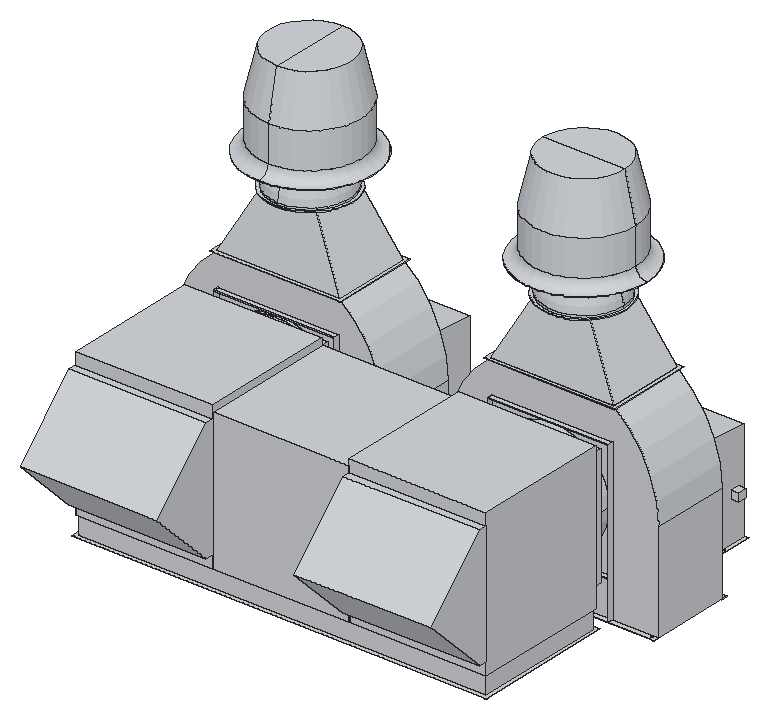
Revit family "Dual_CAVP_with_Mixing_Box", category Mechanical Equipment, Revit 2019 (continued)
Types (228): name | TRANSITION/2 | TRANSITION | RO2/2 | RO/2 | N_B_R+1.5" | MB_P+MB_P+.5 | E/52*30 | E/2-H/2 | E-N-N-H | E-(NOZZLE_RAD/3*2) | DUAL_Q-4.5" | DUAL_Q+.25" | DUAL_Q | R-((B/2)+1.5") | R+((B/2)+1.5") | R*1.1 | R | MB_P-4.5" | MB_P+.25" | P | NOZZLE_WB_RAD-2" | NOZZLE_WB_RAD | NOZZLE_WB_OD | NOZZLE_WB/4 | NOZZLE_TOP_RAD | NOZZLE_TOP_OD | NOZZLE_SIZE | NOZZLE_HEIGHT/7*2 | NOZZLE_HEIGHT | NOZZLE_BOTTOM_RAD-3*2 | NOZZLE_BOTTOM_RAD | NOZZLE_BOTTOM_ID | MB_N-(D-J-K-L) | N+(H/2) | N | MB_Q | MB_P | MB_N | MB_HEIGHT/2 | MB_HEIGHT | MB_F | MB_A | M-(2*(D-L-K-J)) | M | L | K | J+K+L | J | HEIGHT | H/2 | H | F/2 | MB_F-3" | F | E/52*15 | E/2 | E | D-M | D-L-K-J | D | CLASS | C/2 | C | B/4 | B/2 | B | A/2 | A | Type Comments | -MB_P-.25 | -MB_P | -MB_HEIGHT | -(F-((F-H)/2))/2 | -((MB_Q / 2) + 1/8") | (NOZZLE_WB_OD - NOZZLE_TOP_OD) / 4 | (NOZZLE_HEIGHT - (NOZZLE_HEIGHT / 8 * 2)) / 2 | (MB_Q/2)+.125" | (MB_P/2-.125")-((F / 2) - 2") | (MB_P/2-.125")+((F / 2) - 2") | (MB_P/2)+.125" | (M - (2 * (D - L - K - J)))/2 | (F-((F-H)/2))/2 | (E/2)-(E/52*15) | (E/2)-((MB_P/2)+.125") | (E/2)-((B/2)+1.5") | (D-J-K-L)*2 | (B/2)-.125" | (B/2)+1.5" | ((M - (2 * (D - L - K - J))) / 2) + (TRANSITION / 2)
  Dual_445_CAVP-30H_CLASS_1_With_Mixing_Box | 15.02602" | 30.05204" | 87 15/16" | 27 3/4" | 22 3/4" | 120 1/2" | 54.05048" | 21 15/32" | 2" | 32.67708" | 175 7/8" | 180 5/8" | 180 3/8" | 17 25/32" | 70 7/32" | 48.4" | 44" | 55 1/2" | 60 1/4" | 18 1/4" | 35" | 37" | 74" | 14.8" | 22 3/4" | 45 1/2" | 30" | 19 1/2" | 78" | 15 1/4" | 21 1/4" | 42 1/2" | 12 3/16" | 44 27/32" | 19 15/32" | 60" | 60" | 13 9/16" | 34 7/8" | 69 3/4" | 14 1/2" | 186 3/16" | 34 3/4" | 37 1/2" | 39 3/4" | 25 7/8" | 78 5/8" | 13" | 84.91333" | 25 3/8" | 50 3/4" | 26 3/8" | 11 1/2" | 52 3/4" | 27.02524" | 46 27/32" | 93 11/16" | 42 1/2" | 1 3/8" | 80" | 1" | 56 7/16" | 112 7/8" | 12 23/64" | 24 23/32" | 49 7/16" | 95 7/16" | 190 7/8" | "Dual Vari-Plume Laboratory Exhaust Centrifugal Airfoil Class 1 Arr 10 With Mixing Box" | -60 1/4" | -60" | -69 3/4" | -24 3/8" | -30 1/8" | 7 1/8" | 29 1/4" | 30 1/8" | -5 1/2" | -54 1/4" | 30 1/8" | 17 3/8" | 24 3/8" | 19.81851" | 16 23/32" | 20 5/8" | 2 3/4" | 24 19/32" | 26 7/32" | 32.40102"
  Dual_445_CAVP-30L_CLASS_1_With_Mixing_Box | 15.02602" | 30.05204" | 87 15/16" | 27 3/4" | 22 3/4" | 120 1/2" | 54.05048" | 21 15/32" | 2" | 32.67708" | 175 7/8" | 180 5/8" | 180 3/8" | 17 25/32" | 70 7/32" | 48.4" | 44" | 55 1/2" | 60 1/4" | 18 1/4" | 35" | 37" | 74" | 14.8" | 22 3/4" | 45 1/2" | 30" | 19 1/2" | 78" | 15 1/4" | 21 1/4" | 42 1/2" | 12 3/16" | 44 27/32" | 19 15/32" | 60" | 60" | 13 9/16" | 34 7/8" | 69 3/4" | 14 1/2" | 186 3/16" | 34 3/4" | 37 1/2" | 39 3/4" | 25 7/8" | 78 5/8" | 13" | 84.91333" | 25 3/8" | 50 3/4" | 26 3/8" | 11 1/2" | 52 3/4" | 27.02524" | 46 27/32" | 93 11/16" | 42 1/2" | 1 3/8" | 80" | 1" | 56 7/16" | 112 7/8" | 12 23/64" | 24 23/32" | 49 7/16" | 95 7/16" | 190 7/8" | "Dual Vari-Plume Laboratory Exhaust Centrifugal Airfoil Class 1 Arr 10 With Mixing Box" | -60 1/4" | -60" | -69 3/4" | -24 3/8" | -30 1/8" | 7 1/8" | 29 1/4" | 30 1/8" | -5 1/2" | -54 1/4" | 30 1/8" | 17 3/8" | 24 3/8" | 19.81851" | 16 23/32" | 20 5/8" | 2 3/4" | 24 19/32" | 26 7/32" | 32.40102"
  Dual_445_CAVP-24H_CLASS_2_With_Mixing_Box | 12.28598" | 24.57196" | 87 15/16" | 27 3/4" | 18 7/8" | 120 1/2" | 54.05048" | 21 15/32" | 2" | 35.26042" | 175 7/8" | 180 5/8" | 180 3/8" | 17 25/32" | 70 7/32" | 48.4" | 44" | 55 1/2" | 60 1/4" | 19 1/2" | 28 1/2" | 30 1/2" | 61" | 12.2" | 18 1/4" | 36 1/2" | 24" | 15 1/2" | 62" | 11 3/8" | 17 3/8" | 34 3/4" | 12 3/16" | 44 27/32" | 19 15/32" | 60" | 60" | 13 9/16" | 34 7/8" | 69 3/4" | 14 1/2" | 186 3/16" | 34 3/4" | 37 1/2" | 39 3/4" | 25 7/8" | 78 5/8" | 13" | 84.91333" | 25 3/8" | 50 3/4" | 26 3/8" | 11 1/2" | 52 3/4" | 27.02524" | 46 27/32" | 93 11/16" | 42 1/2" | 1 3/8" | 80" | 2" | 56 7/16" | 112 7/8" | 12 23/64" | 24 23/32" | 49 7/16" | 95 7/16" | 190 7/8" | "Dual Vari-Plume Laboratory Exhaust Centrifugal Airfoil Class 2 Arr 10 With Mixing Box" | -60 1/4" | -60" | -69 3/4" | -24 3/8" | -30 1/8" | 6 1/8" | 23 1/4" | 30 1/8" | -5 1/2" | -54 1/4" | 30 1/8" | 17 3/8" | 24 3/8" | 19.81851" | 16 23/32" | 20 5/8" | 2 3/4" | 24 19/32" | 26 7/32" | 29.66098"
  Dual_445_CAVP-24L_CLASS_2_With_Mixing_Box | 12.28598" | 24.57196" | 87 15/16" | 27 3/4" | 18 7/8" | 120 1/2" | 54.05048" | 21 15/32" | 2" | 35.26042" | 175 7/8" | 180 5/8" | 180 3/8" | 17 25/32" | 70 7/32" | 48.4" | 44" | 55 1/2" | 60 1/4" | 19 1/2" | 28 1/2" | 30 1/2" | 61" | 12.2" | 18 1/4" | 36 1/2" | 24" | 15 1/2" | 62" | 11 3/8" | 17 3/8" | 34 3/4" | 11 3/16" | 44 27/32" | 19 15/32" | 60" | 60" | 12 9/16" | 34 7/8" | 69 3/4" | 14 1/2" | 186 3/16" | 34 3/4" | 37 1/2" | 39 3/4" | 25 7/8" | 78 5/8" | 13" | 84.91333" | 25 3/8" | 50 3/4" | 26 3/8" | 11 1/2" | 52 3/4" | 27.02524" | 46 27/32" | 93 11/16" | 42 1/2" | 1 3/8" | 80" | 2" | 56 7/16" | 112 7/8" | 12 23/64" | 24 23/32" | 49 7/16" | 95 7/16" | 190 7/8" | "Dual Vari-Plume Laboratory Exhaust Centrifugal Airfoil Class 2 Arr 10 With Mixing Box" | -60 1/4" | -60" | -69 3/4" | -24 3/8" | -30 1/8" | 6 1/8" | 23 1/4" | 30 1/8" | -5 1/2" | -54 1/4" | 30 1/8" | 17 3/8" | 24 3/8" | 19.81851" | 16 23/32" | 20 5/8" | 2 3/4" | 24 19/32" | 26 7/32" | 29.66098"
  Dual_445_CAVP-30H_CLASS_2_With_Mixing_Box | 15.02602" | 30.05204" | 87 15/16" | 27 3/4" | 22 3/4" | 120 1/2" | 54.05048" | 21 15/32" | 2" | 32.67708" | 175 7/8" | 180 5/8" | 180 3/8" | 17 25/32" | 70 7/32" | 48.4" | 44" | 55 1/2" | 60 1/4" | 19 1/2" | 35" | 37" | 74" | 14.8" | 22 3/4" | 45 1/2" | 30" | 19 1/2" | 78" | 15 1/4" | 21 1/4" | 42 1/2" | 12 3/16" | 44 27/32" | 19 15/32" | 60" | 60" | 13 9/16" | 34 7/8" | 69 3/4" | 14 1/2" | 186 3/16" | 34 3/4" | 37 1/2" | 39 3/4" | 25 7/8" | 78 5/8" | 13" | 84.91333" | 25 3/8" | 50 3/4" | 26 3/8" | 11 1/2" | 52 3/4" | 27.02524" | 46 27/32" | 93 11/16" | 42 1/2" | 1 3/8" | 80" | 2" | 56 7/16" | 112 7/8" | 12 23/64" | 24 23/32" | 49 7/16" | 95 7/16" | 190 7/8" | "Dual Vari-Plume Laboratory Exhaust Centrifugal Airfoil Class 2 Arr 10 With Mixing Box" | -60 1/4" | -60" | -69 3/4" | -24 3/8" | -30 1/8" | 7 1/8" | 29 1/4" | 30 1/8" | -5 1/2" | -54 1/4" | 30 1/8" | 17 3/8" | 24 3/8" | 19.81851" | 16 23/32" | 20 5/8" | 2 3/4" | 24 19/32" | 26 7/32" | 32.40102"
  Dual_445_CAVP-30L_CLASS_2_With_Mixing_Box | 15.02602" | 30.05204" | 87 15/16" | 27 3/4" | 22 3/4" | 120 1/2" | 54.05048" | 21 15/32" | 2" | 32.67708" | 175 7/8" | 180 5/8" | 180 3/8" | 17 25/32" | 70 7/32" | 48.4" | 44" | 55 1/2" | 60 1/4" | 19 1/2" | 35" | 37" | 74" | 14.8" | 22 3/4" | 45 1/2" | 30" | 19 1/2" | 78" | 15 1/4" | 21 1/4" | 42 1/2" | 12 3/16" | 44 27/32" | 19 15/32" | 60" | 60" | 13 9/16" | 34 7/8" | 69 3/4" | 14 1/2" | 186 3/16" | 34 3/4" | 37 1/2" | 39 3/4" | 25 7/8" | 78 5/8" | 13" | 84.91333" | 25 3/8" | 50 3/4" | 26 3/8" | 11 1/2" | 52 3/4" | 27.02524" | 46 27/32" | 93 11/16" | 42 1/2" | 1 3/8" | 80" | 2" | 56 7/16" | 112 7/8" | 12 23/64" | 24 23/32" | 49 7/16" | 95 7/16" | 190 7/8" | "Dual Vari-Plume Laboratory Exhaust Centrifugal Airfoil Class 2 Arr 10 With Mixing Box" | -60 1/4" | -60" | -69 3/4" | -24 3/8" | -30 1/8" | 7 1/8" | 29 1/4" | 30 1/8" | -5 1/2" | -54 1/4" | 30 1/8" | 17 3/8" | 24 3/8" | 19.81851" | 16 23/32" | 20 5/8" | 2 3/4" | 24 19/32" | 26 7/32" | 32.40102"
  Dual_490_CAVP-24H_CLASS_1_With_Mixing_Box | 12.28598" | 24.57196" | 96 15/16" | 30 3/4" | 18 7/8" | 132 1/2" | 59.38702" | 22 5/8" | 2" | 39.88542" | 193 7/8" | 198 5/8" | 198 3/8" | 19" | 77" | 52.8" | 48" | 61 1/2" | 66 1/4" | 18 1/2" | 28 1/2" | 30 1/2" | 61" | 12.2" | 18 1/4" | 36 1/2" | 24" | 15 1/2" | 62" | 11 3/8" | 17 3/8" | 34 3/4" | 12 3/16" | 49 15/32" | 20 5/8" | 66" | 66" | 13 9/16" | 35 3/8" | 70 3/4" | 15 3/4" | 191 7/8" | 38 3/16" | 40 15/16" | 43 3/16" | 21 7/8" | 78 9/16" | 13 1/2" | 92.95281" | 28 27/32" | 57 11/16" | 29 27/32" | 12 3/4" | 59 11/16" | 29.69351" | 51 15/32" | 102 15/16" | 39" | 1 3/8" | 79 15/16" | 1" | 61 17/32" | 123 1/16" | 13 3/4" | 27 1/2" | 55" | 108 29/32" | 217 13/16" | "Dual Vari-Plume Laboratory Exhaust Centrifugal Airfoil Class 1 Arr 10 With Mixing Box" | -66 1/4" | -66" | -70 3/4" | -27 27/32" | -33 1/8" | 6 1/8" | 23 1/4" | 33 1/8" | -5 1/32" | -60 23/32" | 33 1/8" | 19 3/32" | 27 27/32" | 21.77524" | 18 11/32" | 22 15/32" | 2 3/4" | 27 3/8" | 29" | 31.37973"
  Dual_490_CAVP-24L_CLASS_1_With_Mixing_Box | 12.28598" | 24.57196" | 96 15/16" | 30 3/4" | 18 7/8" | 132 1/2" | 59.38702" | 22 5/8" | 2" | 39.88542" | 193 7/8" | 198 5/8" | 198 3/8" | 19" | 77" | 52.8" | 48" | 61 1/2" | 66 1/4" | 18 1/2" | 28 1/2" | 30 1/2" | 61" | 12.2" | 18 1/4" | 36 1/2" | 24" | 15 1/2" | 62" | 11 3/8" | 17 3/8" | 34 3/4" | 12 3/16" | 49 15/32" | 20 5/8" | 66" | 66" | 13 9/16" | 35 3/8" | 70 3/4" | 15 3/4" | 191 7/8" | 38 3/16" | 40 15/16" | 43 3/16" | 21 7/8" | 78 9/16" | 13 1/2" | 92.95281" | 28 27/32" | 57 11/16" | 29 27/32" | 12 3/4" | 59 11/16" | 29.69351" | 51 15/32" | 102 15/16" | 39" | 1 3/8" | 79 15/16" | 1" | 61 17/32" | 123 1/16" | 13 3/4" | 27 1/2" | 55" | 108 29/32" | 217 13/16" | "Dual Vari-Plume Laboratory Exhaust Centrifugal Airfoil Class 1 Arr 10 With Mixing Box" | -66 1/4" | -66" | -70 3/4" | -27 27/32" | -33 1/8" | 6 1/8" | 23 1/4" | 33 1/8" | -5 1/32" | -60 23/32" | 33 1/8" | 19 3/32" | 27 27/32" | 21.77524" | 18 11/32" | 22 15/32" | 2 3/4" | 27 3/8" | 29" | 31.37973"
  Dual_490_CAVP-30H_CLASS_1_With_Mixing_Box | 15.02602" | 30.05204" | 96 15/16" | 30 3/4" | 22 3/4" | 132 1/2" | 59.38702" | 22 5/8" | 2" | 37.30208" | 193 7/8" | 198 5/8" | 198 3/8" | 19" | 77" | 52.8" | 48" | 61 1/2" | 66 1/4" | 18 1/2" | 35" | 37" | 74" | 14.8" | 22 3/4" | 45 1/2" | 30" | 19 1/2" | 78" | 15 1/4" | 21 1/4" | 42 1/2" | 12 3/16" | 49 15/32" | 20 5/8" | 66" | 66" | 13 9/16" | 35 3/8" | 70 3/4" | 15 3/4" | 191 7/8" | 38 3/16" | 40 15/16" | 43 3/16" | 21 7/8" | 78 9/16" | 13 1/2" | 92.95281" | 28 27/32" | 57 11/16" | 29 27/32" | 12 3/4" | 59 11/16" | 29.69351" | 51 15/32" | 102 15/16" | 39" | 1 3/8" | 79 15/16" | 1" | 61 17/32" | 123 1/16" | 13 3/4" | 27 1/2" | 55" | 108 29/32" | 217 13/16" | "Dual Vari-Plume Laboratory Exhaust Centrifugal Airfoil Class 1 Arr 10 With Mixing Box" | -66 1/4" | -66" | -70 3/4" | -27 27/32" | -33 1/8" | 7 1/8" | 29 1/4" | 33 1/8" | -5 1/32" | -60 23/32" | 33 1/8" | 19 3/32" | 27 27/32" | 21.77524" | 18 11/32" | 22 15/32" | 2 3/4" | 27 3/8" | 29" | 34.11977"
  Dual_490_CAVP-30L_CLASS_1_With_Mixing_Box | 15.02602" | 30.05204" | 96 15/16" | 30 3/4" | 22 3/4" | 132 1/2" | 59.38702" | 22 5/8" | 2" | 37.30208" | 193 7/8" | 198 5/8" | 198 3/8" | 19" | 77" | 52.8" | 48" | 61 1/2" | 66 1/4" | 18 1/2" | 35" | 37" | 74" | 14.8" | 22 3/4" | 45 1/2" | 30" | 19 1/2" | 78" | 15 1/4" | 21 1/4" | 42 1/2" | 12 3/16" | 49 15/32" | 20 5/8" | 66" | 66" | 13 9/16" | 35 3/8" | 70 3/4" | 15 3/4" | 191 7/8" | 38 3/16" | 40 15/16" | 43 3/16" | 21 7/8" | 78 9/16" | 13 1/2" | 92.95281" | 28 27/32" | 57 11/16" | 29 27/32" | 12 3/4" | 59 11/16" | 29.69351" | 51 15/32" | 102 15/16" | 39" | 1 3/8" | 79 15/16" | 1" | 61 17/32" | 123 1/16" | 13 3/4" | 27 1/2" | 55" | 108 29/32" | 217 13/16" | "Dual Vari-Plume Laboratory Exhaust Centrifugal Airfoil Class 1 Arr 10 With Mixing Box" | -66 1/4" | -66" | -70 3/4" | -27 27/32" | -33 1/8" | 7 1/8" | 29 1/4" | 33 1/8" | -5 1/32" | -60 23/32" | 33 1/8" | 19 3/32" | 27 27/32" | 21.77524" | 18 11/32" | 22 15/32" | 2 3/4" | 27 3/8" | 29" | 34.11977"
  Dual_490_CAVP-36H_CLASS_1_With_Mixing_Box | 18.29639" | 36.59278" | 96 15/16" | 30 3/4" | 27 3/8" | 132 1/2" | 59.38702" | 22 5/8" | 2" | 34 7/32" | 193 7/8" | 198 5/8" | 198 3/8" | 19" | 77" | 52.8" | 48" | 61 1/2" | 66 1/4" | 18 1/2" | 43" | 45" | 90" | 18" | 29" | 58" | 36" | 23 3/4" | 95" | 19 7/8" | 25 7/8" | 51 3/4" | 12 3/16" | 49 15/32" | 20 5/8" | 66" | 66" | 13 9/16" | 35 3/8" | 70 3/4" | 15 3/4" | 191 7/8" | 38 3/16" | 40 15/16" | 43 3/16" | 21 7/8" | 78 9/16" | 13 1/2" | 92.95281" | 28 27/32" | 57 11/16" | 29 27/32" | 12 3/4" | 59 11/16" | 29.69351" | 51 15/32" | 102 15/16" | 39" | 1 3/8" | 79 15/16" | 1" | 61 17/32" | 123 1/16" | 13 3/4" | 27 1/2" | 55" | 108 29/32" | 217 13/16" | "Dual Vari-Plume Laboratory Exhaust Centrifugal Airfoil Class 1 Arr 10 With Mixing Box" | -66 1/4" | -66" | -70 3/4" | -27 27/32" | -33 1/8" | 8" | 35 5/8" | 33 1/8" | -5 1/32" | -60 23/32" | 33 1/8" | 19 3/32" | 27 27/32" | 21.77524" | 18 11/32" | 22 15/32" | 2 3/4" | 27 3/8" | 29" | 37.39014"
  Dual_490_CAVP-36L_CLASS_1_With_Mixing_Box | 18.29639" | 36.59278" | 96 15/16" | 30 3/4" | 27 3/8" | 132 1/2" | 59.38702" | 22 5/8" | 2" | 34 7/32" | 193 7/8" | 198 5/8" | 198 3/8" | 19" | 77" | 52.8" | 48" | 61 1/2" | 66 1/4" | 18 1/2" | 43" | 45" | 90" | 18" | 29" | 58" | 36" | 23 3/4" | 95" | 19 7/8" | 25 7/8" | 51 3/4" | 12 3/16" | 49 15/32" | 20 5/8" | 66" | 66" | 13 9/16" | 35 3/8" | 70 3/4" | 15 3/4" | 191 7/8" | 38 3/16" | 40 15/16" | 43 3/16" | 21 7/8" | 78 9/16" | 13 1/2" | 92.95281" | 28 27/32" | 57 11/16" | 29 27/32" | 12 3/4" | 59 11/16" | 29.69351" | 51 15/32" | 102 15/16" | 39" | 1 3/8" | 79 15/16" | 1" | 61 17/32" | 123 1/16" | 13 3/4" | 27 1/2" | 55" | 108 29/32" | 217 13/16" | "Dual Vari-Plume Laboratory Exhaust Centrifugal Airfoil Class 1 Arr 10 With Mixing Box" | -66 1/4" | -66" | -70 3/4" | -27 27/32" | -33 1/8" | 8" | 35 5/8" | 33 1/8" | -5 1/32" | -60 23/32" | 33 1/8" | 19 3/32" | 27 27/32" | 21.77524" | 18 11/32" | 22 15/32" | 2 3/4" | 27 3/8" | 29" | 37.39014"
  Dual_490_CAVP-24H_CLASS_2_With_Mixing_Box | 12.28598" | 24.57196" | 96 15/16" | 30 3/4" | 18 7/8" | 132 1/2" | 59.38702" | 22 5/8" | 2" | 39.88542" | 193 7/8" | 198 5/8" | 198 3/8" | 19" | 77" | 52.8" | 48" | 61 1/2" | 66 1/4" | 21 7/8" | 28 1/2" | 30 1/2" | 61" | 12.2" | 18 1/4" | 36 1/2" | 24" | 15 1/2" | 62" | 11 3/8" | 17 3/8" | 34 3/4" | 12 3/16" | 49 15/32" | 20 5/8" | 66" | 66" | 13 9/16" | 35 3/8" | 70 3/4" | 15 3/4" | 195 7/8" | 38 3/16" | 40 15/16" | 43 3/16" | 25 7/8" | 82 9/16" | 13 1/2" | 92.95281" | 28 27/32" | 57 11/16" | 29 27/32" | 12 3/4" | 59 11/16" | 29.69351" | 51 15/32" | 102 15/16" | 43" | 1 3/8" | 83 15/16" | 2" | 61 17/32" | 123 1/16" | 13 3/4" | 27 1/2" | 55" | 108 29/32" | 217 13/16" | "Dual Vari-Plume Laboratory Exhaust Centrifugal Airfoil Class 2 Arr 10 With Mixing Box" | -66 1/4" | -66" | -70 3/4" | -27 27/32" | -33 1/8" | 6 1/8" | 23 1/4" | 33 1/8" | -5 1/32" | -60 23/32" | 33 1/8" | 19 3/32" | 27 27/32" | 21.77524" | 18 11/32" | 22 15/32" | 2 3/4" | 27 3/8" | 29" | 31.37973"
  Dual_490_CAVP-24L_CLASS_2_With_Mixing_Box | 12.28598" | 24.57196" | 96 15/16" | 30 3/4" | 18 7/8" | 132 1/2" | 59.38702" | 22 5/8" | 2" | 39.88542" | 193 7/8" | 198 5/8" | 198 3/8" | 19" | 77" | 52.8" | 48" | 61 1/2" | 66 1/4" | 21 7/8" | 28 1/2" | 30 1/2" | 61" | 12.2" | 18 1/4" | 36 1/2" | 24" | 15 1/2" | 62" | 11 3/8" | 17 3/8" | 34 3/4" | 12 3/16" | 49 15/32" | 20 5/8" | 66" | 66" | 13 9/16" | 35 3/8" | 70 3/4" | 15 3/4" | 195 7/8" | 38 3/16" | 40 15/16" | 43 3/16" | 25 7/8" | 82 9/16" | 13 1/2" | 92.95281" | 28 27/32" | 57 11/16" | 29 27/32" | 12 3/4" | 59 11/16" | 29.69351" | 51 15/32" | 102 15/16" | 43" | 1 3/8" | 83 15/16" | 2" | 61 17/32" | 123 1/16" | 13 3/4" | 27 1/2" | 55" | 108 29/32" | 217 13/16" | "Dual Vari-Plume Laboratory Exhaust Centrifugal Airfoil Class 2 Arr 10 With Mixing Box" | -66 1/4" | -66" | -70 3/4" | -27 27/32" | -33 1/8" | 6 1/8" | 23 1/4" | 33 1/8" | -5 1/32" | -60 23/32" | 33 1/8" | 19 3/32" | 27 27/32" | 21.77524" | 18 11/32" | 22 15/32" | 2 3/4" | 27 3/8" | 29" | 31.37973"
  Dual_490_CAVP-30H_CLASS_2_With_Mixing_Box | 15.02602" | 30.05204" | 96 15/16" | 30 3/4" | 22 3/4" | 132 1/2" | 59.38702" | 22 5/8" | 2" | 37.30208" | 193 7/8" | 198 5/8" | 198 3/8" | 19" | 77" | 52.8" | 48" | 61 1/2" | 66 1/4" | 21 7/8" | 35" | 37" | 74" | 14.8" | 22 3/4" | 45 1/2" | 30" | 19 1/2" | 78" | 15 1/4" | 21 1/4" | 42 1/2" | 12 3/16" | 49 15/32" | 20 5/8" | 66" | 66" | 13 9/16" | 35 3/8" | 70 3/4" | 15 3/4" | 195 7/8" | 38 3/16" | 40 15/16" | 43 3/16" | 25 7/8" | 82 9/16" | 13 1/2" | 92.95281" | 28 27/32" | 57 11/16" | 29 27/32" | 12 3/4" | 59 11/16" | 29.69351" | 51 15/32" | 102 15/16" | 43" | 1 3/8" | 83 15/16" | 2" | 61 17/32" | 123 1/16" | 13 3/4" | 27 1/2" | 55" | 108 29/32" | 217 13/16" | "Dual Vari-Plume Laboratory Exhaust Centrifugal Airfoil Class 2 Arr 10 With Mixing Box" | -66 1/4" | -66" | -70 3/4" | -27 27/32" | -33 1/8" | 7 1/8" | 29 1/4" | 33 1/8" | -5 1/32" | -60 23/32" | 33 1/8" | 19 3/32" | 27 27/32" | 21.77524" | 18 11/32" | 22 15/32" | 2 3/4" | 27 3/8" | 29" | 34.11977"
  Dual_490_CAVP-30L_CLASS_2_With_Mixing_Box | 15.02602" | 30.05204" | 96 15/16" | 30 3/4" | 22 3/4" | 132 1/2" | 59.38702" | 22 5/8" | 2" | 37.30208" | 193 7/8" | 198 5/8" | 198 3/8" | 19" | 77" | 52.8" | 48" | 61 1/2" | 66 1/4" | 21 7/8" | 35" | 37" | 74" | 14.8" | 22 3/4" | 45 1/2" | 30" | 19 1/2" | 78" | 15 1/4" | 21 1/4" | 42 1/2" | 12 3/16" | 49 15/32" | 20 5/8" | 66" | 66" | 13 9/16" | 35 3/8" | 70 3/4" | 15 3/4" | 195 7/8" | 38 3/16" | 40 15/16" | 43 3/16" | 25 7/8" | 82 9/16" | 13 1/2" | 92.95281" | 28 27/32" | 57 11/16" | 29 27/32" | 12 3/4" | 59 11/16" | 29.69351" | 51 15/32" | 102 15/16" | 43" | 1 3/8" | 83 15/16" | 2" | 61 17/32" | 123 1/16" | 13 3/4" | 27 1/2" | 55" | 108 29/32" | 217 13/16" | "Dual Vari-Plume Laboratory Exhaust Centrifugal Airfoil Class 2 Arr 10 With Mixing Box" | -66 1/4" | -66" | -70 3/4" | -27 27/32" | -33 1/8" | 7 1/8" | 29 1/4" | 33 1/8" | -5 1/32" | -60 23/32" | 33 1/8" | 19 3/32" | 27 27/32" | 21.77524" | 18 11/32" | 22 15/32" | 2 3/4" | 27 3/8" | 29" | 34.11977"
  Dual_490_CAVP-36H_CLASS_2_With_Mixing_Box | 18.29639" | 36.59278" | 96 15/16" | 30 3/4" | 27 3/8" | 132 1/2" | 59.38702" | 22 5/8" | 2" | 34 7/32" | 193 7/8" | 198 5/8" | 198 3/8" | 19" | 77" | 52.8" | 48" | 61 1/2" | 66 1/4" | 21 7/8" | 43" | 45" | 90" | 18" | 29" | 58" | 36" | 23 3/4" | 95" | 19 7/8" | 25 7/8" | 51 3/4" | 12 3/16" | 49 15/32" | 20 5/8" | 66" | 66" | 13 9/16" | 35 3/8" | 70 3/4" | 15 3/4" | 195 7/8" | 38 3/16" | 40 15/16" | 43 3/16" | 25 7/8" | 82 9/16" | 13 1/2" | 92.95281" | 28 27/32" | 57 11/16" | 29 27/32" | 12 3/4" | 59 11/16" | 29.69351" | 51 15/32" | 102 15/16" | 43" | 1 3/8" | 83 15/16" | 2" | 61 17/32" | 123 1/16" | 13 3/4" | 27 1/2" | 55" | 108 29/32" | 217 13/16" | "Dual Vari-Plume Laboratory Exhaust Centrifugal Airfoil Class 2 Arr 10 With Mixing Box" | -66 1/4" | -66" | -70 3/4" | -27 27/32" | -33 1/8" | 8" | 35 5/8" | 33 1/8" | -5 1/32" | -60 23/32" | 33 1/8" | 19 3/32" | 27 27/32" | 21.77524" | 18 11/32" | 22 15/32" | 2 3/4" | 27 3/8" | 29" | 37.39014"
  Dual_490_CAVP-36L_CLASS_2_With_Mixing_Box | 18.29639" | 36.59278" | 96 15/16" | 30 3/4" | 27 3/8" | 132 1/2" | 59.38702" | 22 5/8" | 2" | 34 7/32" | 193 7/8" | 198 5/8" | 198 3/8" | 19" | 77" | 52.8" | 48" | 61 1/2" | 66 1/4" | 21 7/8" | 43" | 45" | 90" | 18" | 29" | 58" | 36" | 23 3/4" | 95" | 19 7/8" | 25 7/8" | 51 3/4" | 12 3/16" | 49 15/32" | 20 5/8" | 66" | 66" | 13 9/16" | 35 3/8" | 70 3/4" | 15 3/4" | 195 7/8" | 38 3/16" | 40 15/16" | 43 3/16" | 25 7/8" | 82 9/16" | 13 1/2" | 92.95281" | 28 27/32" | 57 11/16" | 29 27/32" | 12 3/4" | 59 11/16" | 29.69351" | 51 15/32" | 102 15/16" | 43" | 1 3/8" | 83 15/16" | 2" | 61 17/32" | 123 1/16" | 13 3/4" | 27 1/2" | 55" | 108 29/32" | 217 13/16" | "Dual Vari-Plume Laboratory Exhaust Centrifugal Airfoil Class 2 Arr 10 With Mixing Box" | -66 1/4" | -66" | -70 3/4" | -27 27/32" | -33 1/8" | 8" | 35 5/8" | 33 1/8" | -5 1/32" | -60 23/32" | 33 1/8" | 19 3/32" | 27 27/32" | 21.77524" | 18 11/32" | 22 15/32" | 2 3/4" | 27 3/8" | 29" | 37.39014"
  Dual_540_CAVP-30H_CLASS_1_With_Mixing_Box | 15.02602" | 30.05204" | 104 7/16" | 33 1/4" | 22 3/4" | 142 1/2" | 65.30048" | 25 1/4" | 2" | 42.42708" | 208 7/8" | 213 5/8" | 213 3/8" | 21 1/2" | 84 1/2" | 58.3" | 53" | 66 1/2" | 71 1/4" | 18 1/2" | 35" | 37" | 74" | 14.8" | 22 3/4" | 45 1/2" | 30" | 19 1/2" | 78" | 15 1/4" | 21 1/4" | 42 1/2" | 12 1/4" | 54 19/32" | 23 1/4" | 71" | 71" | 13 5/8" | 38" | 76" | 18 1/4" | 208 5/8" | 42" | 44 3/4" | 47" | 25 7/8" | 86 7/8" | 14" | 102.42898" | 31 11/32" | 62 11/16" | 32 11/32" | 15 1/4" | 64 11/16" | 32.65024" | 56 19/32" | 113 3/16" | 43 1/2" | 1 3/8" | 88 1/4" | 1" | 68 9/32" | 136 9/16" | 15" | 30" | 60" | 115 21/32" | 231 5/16" | "Dual Vari-Plume Laboratory Exhaust Centrifugal Airfoil Class 1 Arr 10 With Mixing Box" | -71 1/4" | -71" | -76" | -30 11/32" | -35 5/8" | 7 1/8" | 29 1/4" | 35 5/8" | -5 1/32" | -65 23/32" | 35 5/8" | 21" | 30 11/32" | 23.94351" | 20 31/32" | 25 3/32" | 2 3/4" | 29 7/8" | 31 1/2" | 36.02602"
  Dual_540_CAVP-30L_CLASS_1_With_Mixing_Box | 15.02602" | 30.05204" | 104 7/16" | 33 1/4" | 22 3/4" | 142 1/2" | 65.30048" | 25 1/4" | 2" | 42.42708" | 208 7/8" | 213 5/8" | 213 3/8" | 21 1/2" | 84 1/2" | 58.3" | 53" | 66 1/2" | 71 1/4" | 18 1/2" | 35" | 37" | 74" | 14.8" | 22 3/4" | 45 1/2" | 30" | 19 1/2" | 78" | 15 1/4" | 21 1/4" | 42 1/2" | 12 1/4" | 54 19/32" | 23 1/4" | 71" | 71" | 13 5/8" | 38" | 76" | 18 1/4" | 208 5/8" | 42" | 44 3/4" | 47" | 25 7/8" | 86 7/8" | 14" | 102.42898" | 31 11/32" | 62 11/16" | 32 11/32" | 15 1/4" | 64 11/16" | 32.65024" | 56 19/32" | 113 3/16" | 43 1/2" | 1 3/8" | 88 1/4" | 1" | 68 9/32" | 136 9/16" | 15" | 30" | 60" | 115 21/32" | 231 5/16" | "Dual Vari-Plume Laboratory Exhaust Centrifugal Airfoil Class 1 Arr 10 With Mixing Box" | -71 1/4" | -71" | -76" | -30 11/32" | -35 5/8" | 7 1/8" | 29 1/4" | 35 5/8" | -5 1/32" | -65 23/32" | 35 5/8" | 21" | 30 11/32" | 23.94351" | 20 31/32" | 25 3/32" | 2 3/4" | 29 7/8" | 31 1/2" | 36.02602"
  Dual_540_CAVP-36H_CLASS_1_With_Mixing_Box | 18.29639" | 36.59278" | 104 7/16" | 33 1/4" | 27 3/8" | 142 1/2" | 65.30048" | 25 1/4" | 2" | 39 11/32" | 208 7/8" | 213 5/8" | 213 3/8" | 21 1/2" | 84 1/2" | 58.3" | 53" | 66 1/2" | 71 1/4" | 18 1/2" | 43" | 45" | 90" | 18" | 29" | 58" | 36" | 23 3/4" | 95" | 19 7/8" | 25 7/8" | 51 3/4" | 12 1/4" | 54 19/32" | 23 1/4" | 71" | 71" | 13 5/8" | 38" | 76" | 18 1/4" | 208 5/8" | 42" | 44 3/4" | 47" | 25 7/8" | 86 7/8" | 14" | 102.42898" | 31 11/32" | 62 11/16" | 32 11/32" | 15 1/4" | 64 11/16" | 32.65024" | 56 19/32" | 113 3/16" | 43 1/2" | 1 3/8" | 88 1/4" | 1" | 68 9/32" | 136 9/16" | 15" | 30" | 60" | 115 21/32" | 231 5/16" | "Dual Vari-Plume Laboratory Exhaust Centrifugal Airfoil Class 1 Arr 10 With Mixing Box" | -71 1/4" | -71" | -76" | -30 11/32" | -35 5/8" | 8" | 35 5/8" | 35 5/8" | -5 1/32" | -65 23/32" | 35 5/8" | 21" | 30 11/32" | 23.94351" | 20 31/32" | 25 3/32" | 2 3/4" | 29 7/8" | 31 1/2" | 39.29639"
  Dual_540_CAVP-36L_CLASS_1_With_Mixing_Box | 18.29639" | 36.59278" | 104 7/16" | 33 1/4" | 27 3/8" | 142 1/2" | 65.30048" | 25 1/4" | 2" | 39 11/32" | 208 7/8" | 213 5/8" | 213 3/8" | 21 1/2" | 84 1/2" | 58.3" | 53" | 66 1/2" | 71 1/4" | 18 1/2" | 43" | 45" | 90" | 18" | 29" | 58" | 36" | 23 3/4" | 95" | 19 7/8" | 25 7/8" | 51 3/4" | 12 1/4" | 54 19/32" | 23 1/4" | 71" | 71" | 13 5/8" | 38" | 76" | 18 1/4" | 208 5/8" | 42" | 44 3/4" | 47" | 25 7/8" | 86 7/8" | 14" | 102.42898" | 31 11/32" | 62 11/16" | 32 11/32" | 15 1/4" | 64 11/16" | 32.65024" | 56 19/32" | 113 3/16" | 43 1/2" | 1 3/8" | 88 1/4" | 1" | 68 9/32" | 136 9/16" | 15" | 30" | 60" | 115 21/32" | 231 5/16" | "Dual Vari-Plume Laboratory Exhaust Centrifugal Airfoil Class 1 Arr 10 With Mixing Box" | -71 1/4" | -71" | -76" | -30 11/32" | -35 5/8" | 8" | 35 5/8" | 35 5/8" | -5 1/32" | -65 23/32" | 35 5/8" | 21" | 30 11/32" | 23.94351" | 20 31/32" | 25 3/32" | 2 3/4" | 29 7/8" | 31 1/2" | 39.29639"
  Dual_540_CAVP-30H_CLASS_2_With_Mixing_Box | 15.02602" | 30.05204" | 104 7/16" | 33 1/4" | 22 3/4" | 142 1/2" | 65.30048" | 25 1/4" | 2" | 42.42708" | 208 7/8" | 213 5/8" | 213 3/8" | 21 1/2" | 84 1/2" | 58.3" | 53" | 66 1/2" | 71 1/4" | 25 3/4" | 35" | 37" | 74" | 14.8" | 22 3/4" | 45 1/2" | 30" | 19 1/2" | 78" | 15 1/4" | 21 1/4" | 42 1/2" | 12 1/4" | 54 19/32" | 23 1/4" | 71" | 71" | 13 5/8" | 38" | 76" | 18 1/4" | 212 7/8" | 42" | 44 3/4" | 47" | 30 1/8" | 91 1/8" | 14" | 102.42898" | 31 11/32" | 62 11/16" | 32 11/32" | 15 1/4" | 64 11/16" | 32.65024" | 56 19/32" | 113 3/16" | 47 3/4" | 1 3/8" | 92 1/2" | 2" | 68 9/32" | 136 9/16" | 15" | 30" | 60" | 115 21/32" | 231 5/16" | "Dual Vari-Plume Laboratory Exhaust Centrifugal Airfoil Class 2 Arr 10 With Mixing Box" | -71 1/4" | -71" | -76" | -30 11/32" | -35 5/8" | 7 1/8" | 29 1/4" | 35 5/8" | -5 1/32" | -65 23/32" | 35 5/8" | 21" | 30 11/32" | 23.94351" | 20 31/32" | 25 3/32" | 2 3/4" | 29 7/8" | 31 1/2" | 36.02602"
  Dual_540_CAVP-30L_CLASS_2_With_Mixing_Box | 15.02602" | 30.05204" | 104 7/16" | 33 1/4" | 22 3/4" | 142 1/2" | 65.30048" | 25 1/4" | 2" | 42.42708" | 208 7/8" | 213 5/8" | 213 3/8" | 21 1/2" | 84 1/2" | 58.3" | 53" | 66 1/2" | 71 1/4" | 25 3/4" | 35" | 37" | 74" | 14.8" | 22 3/4" | 45 1/2" | 30" | 19 1/2" | 78" | 15 1/4" | 21 1/4" | 42 1/2" | 12 1/4" | 54 19/32" | 23 1/4" | 71" | 71" | 13 5/8" | 38" | 76" | 18 1/4" | 212 7/8" | 42" | 44 3/4" | 47" | 30 1/8" | 91 1/8" | 14" | 102.42898" | 31 11/32" | 62 11/16" | 32 11/32" | 15 1/4" | 64 11/16" | 32.65024" | 56 19/32" | 113 3/16" | 47 3/4" | 1 3/8" | 92 1/2" | 2" | 68 9/32" | 136 9/16" | 15" | 30" | 60" | 115 21/32" | 231 5/16" | "Dual Vari-Plume Laboratory Exhaust Centrifugal Airfoil Class 2 Arr 10 With Mixing Box" | -71 1/4" | -71" | -76" | -30 11/32" | -35 5/8" | 7 1/8" | 29 1/4" | 35 5/8" | -5 1/32" | -65 23/32" | 35 5/8" | 21" | 30 11/32" | 23.94351" | 20 31/32" | 25 3/32" | 2 3/4" | 29 7/8" | 31 1/2" | 36.02602"
  Dual_540_CAVP-36H_CLASS_2_With_Mixing_Box | 18.29639" | 36.59278" | 104 7/16" | 33 1/4" | 27 3/8" | 142 1/2" | 65.30048" | 25 1/4" | 2" | 39 11/32" | 208 7/8" | 213 5/8" | 213 3/8" | 21 1/2" | 84 1/2" | 58.3" | 53" | 66 1/2" | 71 1/4" | 25 3/4" | 43" | 45" | 90" | 18" | 29" | 58" | 36" | 23 3/4" | 95" | 19 7/8" | 25 7/8" | 51 3/4" | 12 1/4" | 54 19/32" | 23 1/4" | 71" | 71" | 13 5/8" | 38" | 76" | 18 1/4" | 212 7/8" | 42" | 44 3/4" | 47" | 30 1/8" | 91 1/8" | 14" | 102.42898" | 31 11/32" | 62 11/16" | 32 11/32" | 15 1/4" | 64 11/16" | 32.65024" | 56 19/32" | 113 3/16" | 47 3/4" | 1 3/8" | 92 1/2" | 2" | 68 9/32" | 136 9/16" | 15" | 30" | 60" | 115 21/32" | 231 5/16" | "Dual Vari-Plume Laboratory Exhaust Centrifugal Airfoil Class 2 Arr 10 With Mixing Box" | -71 1/4" | -71" | -76" | -30 11/32" | -35 5/8" | 8" | 35 5/8" | 35 5/8" | -5 1/32" | -65 23/32" | 35 5/8" | 21" | 30 11/32" | 23.94351" | 20 31/32" | 25 3/32" | 2 3/4" | 29 7/8" | 31 1/2" | 39.29639"
  Dual_540_CAVP-36L_CLASS_2_With_Mixing_Box | 18.29639" | 36.59278" | 104 7/16" | 33 1/4" | 27 3/8" | 142 1/2" | 65.30048" | 25 1/4" | 2" | 39 11/32" | 208 7/8" | 213 5/8" | 213 3/8" | 21 1/2" | 84 1/2" | 58.3" | 53" | 66 1/2" | 71 1/4" | 25 3/4" | 43" | 45" | 90" | 18" | 29" | 58" | 36" | 23 3/4" | 95" | 19 7/8" | 25 7/8" | 51 3/4" | 12 1/4" | 54 19/32" | 23 1/4" | 71" | 71" | 13 5/8" | 38" | 76" | 18 1/4" | 212 7/8" | 42" | 44 3/4" | 47" | 30 1/8" | 91 1/8" | 14" | 102.42898" | 31 11/32" | 62 11/16" | 32 11/32" | 15 1/4" | 64 11/16" | 32.65024" | 56 19/32" | 113 3/16" | 47 3/4" | 1 3/8" | 92 1/2" | 2" | 68 9/32" | 136 9/16" | 15" | 30" | 60" | 115 21/32" | 231 5/16" | "Dual Vari-Plume Laboratory Exhaust Centrifugal Airfoil Class 2 Arr 10 With Mixing Box" | -71 1/4" | -71" | -76" | -30 11/32" | -35 5/8" | 8" | 35 5/8" | 35 5/8" | -5 1/32" | -65 23/32" | 35 5/8" | 21" | 30 11/32" | 23.94351" | 20 31/32" | 25 3/32" | 2 3/4" | 29 7/8" | 31 1/2" | 39.29639"
  Dual_600_CAVP-30L_CLASS_1_With_Mixing_Box | 15.02602" | 30.05204" | 113 7/16" | 36 1/4" | 22 3/4" | 154 1/2" | 72.4399" | 28 7/16" | 2" | 48.61458" | 226 7/8" | 231 5/8" | 231 3/8" | 24 1/2" | 93 1/2" | 64.9" | 59" | 72 1/2" | 77 1/4" | 19 1/2" | 35" | 37" | 74" | 14.8" | 22 3/4" | 45 1/2" | 30" | 19 1/2" | 78" | 15 1/4" | 21 1/4" | 42 1/2" | 12 1/4" | 60 25/32" | 26 7/16" | 77" | 77" | 13 5/8" | 42 1/4" | 84 1/2" | 21 1/4" | 224" | 46 9/16" | 49 5/16" | 51 5/8" | 25 7/8" | 92" | 14 1/2" | 113.83314" | 34 11/32" | 68 11/16" | 35 11/32" | 18 1/4" | 70 11/16" | 36.21995" | 62 25/32" | 125 9/16" | 44 1/16" | 1 3/8" | 93 3/8" | 1" | 72 11/32" | 144 11/16" | 16 1/2" | 33" | 66" | 119 23/32" | 239 7/16" | "Dual Vari-Plume Laboratory Exhaust Centrifugal Airfoil Class 1 Arr 10 With Mixing Box" | -77 1/4" | -77" | -84 1/2" | -33 11/32" | -38 5/8" | 7 1/8" | 29 1/4" | 38 5/8" | -5 1/32" | -71 23/32" | 38 5/8" | 23 9/32" | 33 11/32" | 26.5613" | 24 5/32" | 28 9/32" | 2 3/4" | 32 7/8" | 34 1/2" | 38.30727"
  Dual_600_CAVP-30H_CLASS_1_With_Mixing_Box | 15.02602" | 30.05204" | 113 7/16" | 36 1/4" | 22 3/4" | 154 1/2" | 72.4399" | 28 7/16" | 2" | 48.61458" | 226 7/8" | 231 5/8" | 231 3/8" | 24 1/2" | 93 1/2" | 64.9" | 59" | 72 1/2" | 77 1/4" | 19 1/2" | 35" | 37" | 74" | 14.8" | 22 3/4" | 45 1/2" | 30" | 19 1/2" | 78" | 15 1/4" | 21 1/4" | 42 1/2" | 12 1/4" | 60 25/32" | 26 7/16" | 77" | 77" | 13 5/8" | 42 1/4" | 84 1/2" | 21 1/4" | 224" | 46 9/16" | 49 5/16" | 51 5/8" | 25 7/8" | 92" | 14 1/2" | 113.83314" | 34 11/32" | 68 11/16" | 35 11/32" | 18 1/4" | 70 11/16" | 36.21995" | 62 25/32" | 125 9/16" | 44 1/16" | 1 3/8" | 93 3/8" | 1" | 72 11/32" | 144 11/16" | 16 1/2" | 33" | 66" | 119 23/32" | 239 7/16" | "Dual Vari-Plume Laboratory Exhaust Centrifugal Airfoil Class 1 Arr 10 With Mixing Box" | -77 1/4" | -77" | -84 1/2" | -33 11/32" | -38 5/8" | 7 1/8" | 29 1/4" | 38 5/8" | -5 1/32" | -71 23/32" | 38 5/8" | 23 9/32" | 33 11/32" | 26.5613" | 24 5/32" | 28 9/32" | 2 3/4" | 32 7/8" | 34 1/2" | 38.30727"
  Dual_600_CAVP-36L_CLASS_1_With_Mixing_Box | 18.29639" | 36.59278" | 113 7/16" | 36 1/4" | 27 3/8" | 154 1/2" | 72.4399" | 28 7/16" | 2" | 45 17/32" | 226 7/8" | 231 5/8" | 231 3/8" | 24 1/2" | 93 1/2" | 64.9" | 59" | 72 1/2" | 77 1/4" | 19 1/2" | 43" | 45" | 90" | 18" | 29" | 58" | 36" | 23 3/4" | 95" | 19 7/8" | 25 7/8" | 51 3/4" | 12 1/4" | 60 25/32" | 26 7/16" | 77" | 77" | 13 5/8" | 42 1/4" | 84 1/2" | 21 1/4" | 224" | 46 9/16" | 49 5/16" | 51 5/8" | 25 7/8" | 92" | 14 1/2" | 113.83314" | 34 11/32" | 68 11/16" | 35 11/32" | 18 1/4" | 70 11/16" | 36.21995" | 62 25/32" | 125 9/16" | 44 1/16" | 1 3/8" | 93 3/8" | 1" | 72 11/32" | 144 11/16" | 16 1/2" | 33" | 66" | 119 23/32" | 239 7/16" | "Dual Vari-Plume Laboratory Exhaust Centrifugal Airfoil Class 1 Arr 10 With Mixing Box" | -77 1/4" | -77" | -84 1/2" | -33 11/32" | -38 5/8" | 8" | 35 5/8" | 38 5/8" | -5 1/32" | -71 23/32" | 38 5/8" | 23 9/32" | 33 11/32" | 26.5613" | 24 5/32" | 28 9/32" | 2 3/4" | 32 7/8" | 34 1/2" | 41.57764"
  Dual_600_CAVP-36H_CLASS_1_With_Mixing_Box | 18.29639" | 36.59278" | 113 7/16" | 36 1/4" | 27 3/8" | 154 1/2" | 72.4399" | 28 7/16" | 2" | 45 17/32" | 226 7/8" | 231 5/8" | 231 3/8" | 24 1/2" | 93 1/2" | 64.9" | 59" | 72 1/2" | 77 1/4" | 19 1/2" | 43" | 45" | 90" | 18" | 29" | 58" | 36" | 23 3/4" | 95" | 19 7/8" | 25 7/8" | 51 3/4" | 12 1/4" | 60 25/32" | 26 7/16" | 77" | 77" | 13 5/8" | 42 1/4" | 84 1/2" | 21 1/4" | 224" | 46 9/16" | 49 5/16" | 51 5/8" | 25 7/8" | 92" | 14 1/2" | 113.83314" | 34 11/32" | 68 11/16" | 35 11/32" | 18 1/4" | 70 11/16" | 36.21995" | 62 25/32" | 125 9/16" | 44 1/16" | 1 3/8" | 93 3/8" | 1" | 72 11/32" | 144 11/16" | 16 1/2" | 33" | 66" | 119 23/32" | 239 7/16" | "Dual Vari-Plume Laboratory Exhaust Centrifugal Airfoil Class 1 Arr 10 With Mixing Box" | -77 1/4" | -77" | -84 1/2" | -33 11/32" | -38 5/8" | 8" | 35 5/8" | 38 5/8" | -5 1/32" | -71 23/32" | 38 5/8" | 23 9/32" | 33 11/32" | 26.5613" | 24 5/32" | 28 9/32" | 2 3/4" | 32 7/8" | 34 1/2" | 41.57764"
  Dual_600_CAVP-49L_CLASS_1_With_Mixing_Box | 24.52777" | 49.05553" | 113 7/16" | 36 1/4" | 36 3/16" | 154 1/2" | 72.4399" | 28 7/16" | 2" | 39 21/32" | 226 7/8" | 231 5/8" | 231 3/8" | 24 1/2" | 93 1/2" | 64.9" | 59" | 72 1/2" | 77 1/4" | 19 1/2" | 48 1/2" | 50 1/2" | 101" | 20.2" | 38" | 76" | 49" | 27 1/2" | 110" | 28 11/16" | 34 11/16" | 69 3/8" | 12 1/4" | 60 25/32" | 26 7/16" | 77" | 77" | 13 5/8" | 42 1/4" | 84 1/2" | 21 1/4" | 224" | 46 9/16" | 49 5/16" | 51 5/8" | 25 7/8" | 92" | 14 1/2" | 113.83314" | 34 11/32" | 68 11/16" | 35 11/32" | 18 1/4" | 70 11/16" | 36.21995" | 62 25/32" | 125 9/16" | 44 1/16" | 1 3/8" | 93 3/8" | 1" | 72 11/32" | 144 11/16" | 16 1/2" | 33" | 66" | 119 23/32" | 239 7/16" | "Dual Vari-Plume Laboratory Exhaust Centrifugal Airfoil Class 1 Arr 10 With Mixing Box" | -77 1/4" | -77" | -84 1/2" | -33 11/32" | -38 5/8" | 6 1/4" | 41 1/4" | 38 5/8" | -5 1/32" | -71 23/32" | 38 5/8" | 23 9/32" | 33 11/32" | 26.5613" | 24 5/32" | 28 9/32" | 2 3/4" | 32 7/8" | 34 1/2" | 47.80902"
  Dual_600_CAVP-49H_CLASS_1_With_Mixing_Box | 24.52777" | 49.05553" | 113 7/16" | 36 1/4" | 36 3/16" | 154 1/2" | 72.4399" | 28 7/16" | 2" | 39 21/32" | 226 7/8" | 231 5/8" | 231 3/8" | 24 1/2" | 93 1/2" | 64.9" | 59" | 72 1/2" | 77 1/4" | 19 1/2" | 48 1/2" | 50 1/2" | 101" | 20.2" | 38" | 76" | 49" | 27 1/2" | 110" | 28 11/16" | 34 11/16" | 69 3/8" | 12 1/4" | 60 25/32" | 26 7/16" | 77" | 77" | 13 5/8" | 42 1/4" | 84 1/2" | 21 1/4" | 224" | 46 9/16" | 49 5/16" | 51 5/8" | 25 7/8" | 92" | 14 1/2" | 113.83314" | 34 11/32" | 68 11/16" | 35 11/32" | 18 1/4" | 70 11/16" | 36.21995" | 62 25/32" | 125 9/16" | 44 1/16" | 1 3/8" | 93 3/8" | 1" | 72 11/32" | 144 11/16" | 16 1/2" | 33" | 66" | 119 23/32" | 239 7/16" | "Dual Vari-Plume Laboratory Exhaust Centrifugal Airfoil Class 1 Arr 10 With Mixing Box" | -77 1/4" | -77" | -84 1/2" | -33 11/32" | -38 5/8" | 6 1/4" | 41 1/4" | 38 5/8" | -5 1/32" | -71 23/32" | 38 5/8" | 23 9/32" | 33 11/32" | 26.5613" | 24 5/32" | 28 9/32" | 2 3/4" | 32 7/8" | 34 1/2" | 47.80902"
  Dual_600_CAVP-30L_CLASS_2_With_Mixing_Box | 15.02602" | 30.05204" | 113 7/16" | 36 1/4" | 22 3/4" | 154 1/2" | 72.4399" | 28 7/16" | 2" | 48.61458" | 226 7/8" | 231 5/8" | 231 3/8" | 24 1/2" | 93 1/2" | 64.9" | 59" | 72 1/2" | 77 1/4" | 26" | 35" | 37" | 74" | 14.8" | 22 3/4" | 45 1/2" | 30" | 19 1/2" | 78" | 15 1/4" | 21 1/4" | 42 1/2" | 12 1/4" | 60 25/32" | 26 7/16" | 77" | 77" | 13 5/8" | 42 1/4" | 84 1/2" | 21 1/4" | 228 1/4" | 46 9/16" | 49 5/16" | 51 9/16" | 30 1/8" | 96 3/16" | 14 1/2" | 113.83314" | 34 11/32" | 68 11/16" | 35 11/32" | 18 1/4" | 70 11/16" | 36.21995" | 62 25/32" | 125 9/16" | 48 1/4" | 1 3/8" | 97 9/16" | 2" | 72 11/32" | 144 11/16" | 16 1/2" | 33" | 66" | 119 23/32" | 239 7/16" | "Dual Vari-Plume Laboratory Exhaust Centrifugal Airfoil Class 2 Arr 10 With Mixing Box" | -77 1/4" | -77" | -84 1/2" | -33 11/32" | -38 5/8" | 7 1/8" | 29 1/4" | 38 5/8" | -5 1/32" | -71 23/32" | 38 5/8" | 23 9/32" | 33 11/32" | 26.5613" | 24 5/32" | 28 9/32" | 2 3/4" | 32 7/8" | 34 1/2" | 38.30727"
  Dual_600_CAVP-30H_CLASS_2_With_Mixing_Box | 15.02602" | 30.05204" | 113 7/16" | 36 1/4" | 22 3/4" | 154 1/2" | 72.4399" | 28 7/16" | 2" | 48.61458" | 226 7/8" | 231 5/8" | 231 3/8" | 24 1/2" | 93 1/2" | 64.9" | 59" | 72 1/2" | 77 1/4" | 26" | 35" | 37" | 74" | 14.8" | 22 3/4" | 45 1/2" | 30" | 19 1/2" | 78" | 15 1/4" | 21 1/4" | 42 1/2" | 12 1/4" | 60 25/32" | 26 7/16" | 77" | 77" | 13 5/8" | 42 1/4" | 84 1/2" | 21 1/4" | 228 1/4" | 46 9/16" | 49 5/16" | 51 9/16" | 30 1/8" | 96 3/16" | 14 1/2" | 113.83314" | 34 11/32" | 68 11/16" | 35 11/32" | 18 1/4" | 70 11/16" | 36.21995" | 62 25/32" | 125 9/16" | 48 1/4" | 1 3/8" | 97 9/16" | 2" | 72 11/32" | 144 11/16" | 16 1/2" | 33" | 66" | 119 23/32" | 239 7/16" | "Dual Vari-Plume Laboratory Exhaust Centrifugal Airfoil Class 2 Arr 10 With Mixing Box" | -77 1/4" | -77" | -84 1/2" | -33 11/32" | -38 5/8" | 7 1/8" | 29 1/4" | 38 5/8" | -5 1/32" | -71 23/32" | 38 5/8" | 23 9/32" | 33 11/32" | 26.5613" | 24 5/32" | 28 9/32" | 2 3/4" | 32 7/8" | 34 1/2" | 38.30727"
  Dual_600_CAVP-36L_CLASS_2_With_Mixing_Box | 18.29639" | 36.59278" | 113 7/16" | 36 1/4" | 27 3/8" | 154 1/2" | 72.4399" | 28 7/16" | 2" | 45 17/32" | 226 7/8" | 231 5/8" | 231 3/8" | 24 1/2" | 93 1/2" | 64.9" | 59" | 72 1/2" | 77 1/4" | 26" | 43" | 45" | 90" | 18" | 29" | 58" | 36" | 23 3/4" | 95" | 19 7/8" | 25 7/8" | 51 3/4" | 12 1/4" | 60 25/32" | 26 7/16" | 77" | 77" | 13 5/8" | 42 1/4" | 84 1/2" | 21 1/4" | 228 1/4" | 46 9/16" | 49 5/16" | 51 9/16" | 30 1/8" | 96 3/16" | 14 1/2" | 113.83314" | 34 11/32" | 68 11/16" | 35 11/32" | 18 1/4" | 70 11/16" | 36.21995" | 62 25/32" | 125 9/16" | 48 1/4" | 1 3/8" | 97 9/16" | 2" | 72 11/32" | 144 11/16" | 16 1/2" | 33" | 66" | 119 23/32" | 239 7/16" | "Dual Vari-Plume Laboratory Exhaust Centrifugal Airfoil Class 2 Arr 10 With Mixing Box" | -77 1/4" | -77" | -84 1/2" | -33 11/32" | -38 5/8" | 8" | 35 5/8" | 38 5/8" | -5 1/32" | -71 23/32" | 38 5/8" | 23 9/32" | 33 11/32" | 26.5613" | 24 5/32" | 28 9/32" | 2 3/4" | 32 7/8" | 34 1/2" | 41.57764"
  Dual_600_CAVP-36H_CLASS_2_With_Mixing_Box | 18.29639" | 36.59278" | 113 7/16" | 36 1/4" | 27 3/8" | 154 1/2" | 72.4399" | 28 7/16" | 2" | 45 17/32" | 226 7/8" | 231 5/8" | 231 3/8" | 24 1/2" | 93 1/2" | 64.9" | 59" | 72 1/2" | 77 1/4" | 26" | 43" | 45" | 90" | 18" | 29" | 58" | 36" | 23 3/4" | 95" | 19 7/8" | 25 7/8" | 51 3/4" | 12 1/4" | 60 25/32" | 26 7/16" | 77" | 77" | 13 5/8" | 42 1/4" | 84 1/2" | 21 1/4" | 228 1/4" | 46 9/16" | 49 5/16" | 51 9/16" | 30 1/8" | 96 3/16" | 14 1/2" | 113.83314" | 34 11/32" | 68 11/16" | 35 11/32" | 18 1/4" | 70 11/16" | 36.21995" | 62 25/32" | 125 9/16" | 48 1/4" | 1 3/8" | 97 9/16" | 2" | 72 11/32" | 144 11/16" | 16 1/2" | 33" | 66" | 119 23/32" | 239 7/16" | "Dual Vari-Plume Laboratory Exhaust Centrifugal Airfoil Class 2 Arr 10 With Mixing Box" | -77 1/4" | -77" | -84 1/2" | -33 11/32" | -38 5/8" | 8" | 35 5/8" | 38 5/8" | -5 1/32" | -71 23/32" | 38 5/8" | 23 9/32" | 33 11/32" | 26.5613" | 24 5/32" | 28 9/32" | 2 3/4" | 32 7/8" | 34 1/2" | 41.57764"
  Dual_600_CAVP-49L_CLASS_2_With_Mixing_Box | 24.52777" | 49.05553" | 113 7/16" | 36 1/4" | 36 3/16" | 154 1/2" | 72.4399" | 28 7/16" | 2" | 39 21/32" | 226 7/8" | 231 5/8" | 231 3/8" | 24 1/2" | 93 1/2" | 64.9" | 59" | 72 1/2" | 77 1/4" | 26" | 48 1/2" | 50 1/2" | 101" | 20.2" | 38" | 76" | 49" | 27 1/2" | 110" | 28 11/16" | 34 11/16" | 69 3/8" | 12 1/4" | 60 25/32" | 26 7/16" | 77" | 77" | 13 5/8" | 42 1/4" | 84 1/2" | 21 1/4" | 228 1/4" | 46 9/16" | 49 5/16" | 51 9/16" | 30 1/8" | 96 3/16" | 14 1/2" | 113.83314" | 34 11/32" | 68 11/16" | 35 11/32" | 18 1/4" | 70 11/16" | 36.21995" | 62 25/32" | 125 9/16" | 48 1/4" | 1 3/8" | 97 9/16" | 2" | 72 11/32" | 144 11/16" | 16 1/2" | 33" | 66" | 119 23/32" | 239 7/16" | "Dual Vari-Plume Laboratory Exhaust Centrifugal Airfoil Class 2 Arr 10 With Mixing Box" | -77 1/4" | -77" | -84 1/2" | -33 11/32" | -38 5/8" | 6 1/4" | 41 1/4" | 38 5/8" | -5 1/32" | -71 23/32" | 38 5/8" | 23 9/32" | 33 11/32" | 26.5613" | 24 5/32" | 28 9/32" | 2 3/4" | 32 7/8" | 34 1/2" | 47.80902"
  Dual_600_CAVP-49H_CLASS_2_With_Mixing_Box | 24.52777" | 49.05553" | 113 7/16" | 36 1/4" | 36 3/16" | 154 1/2" | 72.4399" | 28 7/16" | 2" | 39 21/32" | 226 7/8" | 231 5/8" | 231 3/8" | 24 1/2" | 93 1/2" | 64.9" | 59" | 72 1/2" | 77 1/4" | 26" | 48 1/2" | 50 1/2" | 101" | 20.2" | 38" | 76" | 49" | 27 1/2" | 110" | 28 11/16" | 34 11/16" | 69 3/8" | 12 1/4" | 60 25/32" | 26 7/16" | 77" | 77" | 13 5/8" | 42 1/4" | 84 1/2" | 21 1/4" | 228 1/4" | 46 9/16" | 49 5/16" | 51 9/16" | 30 1/8" | 96 3/16" | 14 1/2" | 113.83314" | 34 11/32" | 68 11/16" | 35 11/32" | 18 1/4" | 70 11/16" | 36.21995" | 62 25/32" | 125 9/16" | 48 1/4" | 1 3/8" | 97 9/16" | 2" | 72 11/32" | 144 11/16" | 16 1/2" | 33" | 66" | 119 23/32" | 239 7/16" | "Dual Vari-Plume Laboratory Exhaust Centrifugal Airfoil Class 2 Arr 10 With Mixing Box" | -77 1/4" | -77" | -84 1/2" | -33 11/32" | -38 5/8" | 6 1/4" | 41 1/4" | 38 5/8" | -5 1/32" | -71 23/32" | 38 5/8" | 23 9/32" | 33 11/32" | 26.5613" | 24 5/32" | 28 9/32" | 2 3/4" | 32 7/8" | 34 1/2" | 47.80902"
  Dual_660_CAVP-36H_CLASS_1_With_Mixing_Box | 18.29639" | 36.59278" | 122 7/16" | 39 1/4" | 27 3/8" | 166 1/2" | 79.57933" | 31 5/8" | 2" | 51 23/32" | 244 7/8" | 249 5/8" | 249 3/8" | 27 1/2" | 102 1/2" | 71 1/2" | 65" | 78 1/2" | 83 1/4" | 19 1/2" | 43" | 45" | 90" | 18" | 29" | 58" | 36" | 23 3/4" | 95" | 19 7/8" | 25 7/8" | 51 3/4" | 12 1/4" | 66 31/32" | 29 5/8" | 83" | 83" | 13 5/8" | 46 3/4" | 93 1/2" | 24 1/4" | 243 5/8" | 51 3/16" | 53 15/16" | 56 1/4" | 29 7/8" | 101 1/8" | 15" | 125.23731" | 37 11/32" | 74 11/16" | 38 11/32" | 21 1/4" | 76 11/16" | 39.78966" | 68 31/32" | 137 15/16" | 48 9/16" | 1 3/8" | 102 1/2" | 1" | 80 1/8" | 160 1/4" | 18" | 36" | 72" | 135 1/8" | 270 1/4" | "Dual Vari-Plume Laboratory Exhaust Centrifugal Airfoil Class 1 Arr 10 With Mixing Box" | -83 1/4" | -83" | -93 1/2" | -36 11/32" | -41 5/8" | 8" | 35 5/8" | 41 5/8" | -5 1/32" | -77 23/32" | 41 5/8" | 25 19/32" | 36 11/32" | 29.17909" | 27 11/32" | 31 15/32" | 2 3/4" | 35 7/8" | 37 1/2" | 43.89014"
  Dual_660_CAVP-36L_CLASS_1_With_Mixing_Box | 18.29639" | 36.59278" | 122 7/16" | 39 1/4" | 27 3/8" | 166 1/2" | 79.57933" | 31 5/8" | 2" | 51 23/32" | 244 7/8" | 249 5/8" | 249 3/8" | 27 1/2" | 102 1/2" | 71 1/2" | 65" | 78 1/2" | 83 1/4" | 19 1/2" | 43" | 45" | 90" | 18" | 29" | 58" | 36" | 23 3/4" | 95" | 19 7/8" | 25 7/8" | 51 3/4" | 12 1/4" | 66 31/32" | 29 5/8" | 83" | 83" | 13 5/8" | 46 3/4" | 93 1/2" | 24 1/4" | 243 5/8" | 51 3/16" | 53 15/16" | 56 1/4" | 29 7/8" | 101 1/8" | 15" | 125.23731" | 37 11/32" | 74 11/16" | 38 11/32" | 21 1/4" | 76 11/16" | 39.78966" | 68 31/32" | 137 15/16" | 48 9/16" | 1 3/8" | 102 1/2" | 1" | 80 1/8" | 160 1/4" | 18" | 36" | 72" | 135 1/8" | 270 1/4" | "Dual Vari-Plume Laboratory Exhaust Centrifugal Airfoil Class 1 Arr 10 With Mixing Box" | -83 1/4" | -83" | -93 1/2" | -36 11/32" | -41 5/8" | 8" | 35 5/8" | 41 5/8" | -5 1/32" | -77 23/32" | 41 5/8" | 25 19/32" | 36 11/32" | 29.17909" | 27 11/32" | 31 15/32" | 2 3/4" | 35 7/8" | 37 1/2" | 43.89014"
  Dual_660_CAVP-49H_CLASS_1_With_Mixing_Box | 24.52777" | 49.05553" | 122 7/16" | 39 1/4" | 36 3/16" | 166 1/2" | 79.57933" | 31 5/8" | 2" | 45 27/32" | 244 7/8" | 249 5/8" | 249 3/8" | 27 1/2" | 102 1/2" | 71 1/2" | 65" | 78 1/2" | 83 1/4" | 19 1/2" | 48 1/2" | 50 1/2" | 101" | 20.2" | 38" | 76" | 49" | 27 1/2" | 110" | 28 11/16" | 34 11/16" | 69 3/8" | 12 1/4" | 66 31/32" | 29 5/8" | 83" | 83" | 13 5/8" | 46 3/4" | 93 1/2" | 24 1/4" | 243 5/8" | 51 3/16" | 53 15/16" | 56 1/4" | 29 7/8" | 101 1/8" | 15" | 125.23731" | 37 11/32" | 74 11/16" | 38 11/32" | 21 1/4" | 76 11/16" | 39.78966" | 68 31/32" | 137 15/16" | 48 9/16" | 1 3/8" | 102 1/2" | 1" | 80 1/8" | 160 1/4" | 18" | 36" | 72" | 135 1/8" | 270 1/4" | "Dual Vari-Plume Laboratory Exhaust Centrifugal Airfoil Class 1 Arr 10 With Mixing Box" | -83 1/4" | -83" | -93 1/2" | -36 11/32" | -41 5/8" | 6 1/4" | 41 1/4" | 41 5/8" | -5 1/32" | -77 23/32" | 41 5/8" | 25 19/32" | 36 11/32" | 29.17909" | 27 11/32" | 31 15/32" | 2 3/4" | 35 7/8" | 37 1/2" | 50.12152"
  Dual_660_CAVP-49L_CLASS_1_With_Mixing_Box | 24.52777" | 49.05553" | 122 7/16" | 39 1/4" | 36 3/16" | 166 1/2" | 79.57933" | 31 5/8" | 2" | 45 27/32" | 244 7/8" | 249 5/8" | 249 3/8" | 27 1/2" | 102 1/2" | 71 1/2" | 65" | 78 1/2" | 83 1/4" | 19 1/2" | 48 1/2" | 50 1/2" | 101" | 20.2" | 38" | 76" | 49" | 27 1/2" | 110" | 28 11/16" | 34 11/16" | 69 3/8" | 12 1/4" | 66 31/32" | 29 5/8" | 83" | 83" | 13 5/8" | 46 3/4" | 93 1/2" | 24 1/4" | 243 5/8" | 51 3/16" | 53 15/16" | 56 1/4" | 29 7/8" | 101 1/8" | 15" | 125.23731" | 37 11/32" | 74 11/16" | 38 11/32" | 21 1/4" | 76 11/16" | 39.78966" | 68 31/32" | 137 15/16" | 48 9/16" | 1 3/8" | 102 1/2" | 1" | 80 1/8" | 160 1/4" | 18" | 36" | 72" | 135 1/8" | 270 1/4" | "Dual Vari-Plume Laboratory Exhaust Centrifugal Airfoil Class 1 Arr 10 With Mixing Box" | -83 1/4" | -83" | -93 1/2" | -36 11/32" | -41 5/8" | 6 1/4" | 41 1/4" | 41 5/8" | -5 1/32" | -77 23/32" | 41 5/8" | 25 19/32" | 36 11/32" | 29.17909" | 27 11/32" | 31 15/32" | 2 3/4" | 35 7/8" | 37 1/2" | 50.12152"
